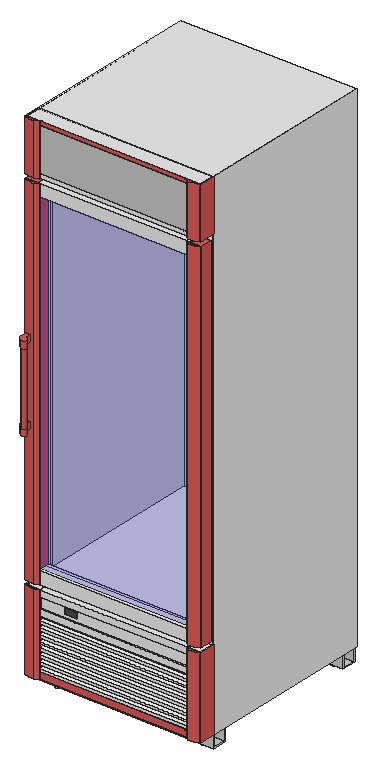
Revit family "QF_Turbo Air_TGM-23SD2e28a2e8-c304-4e5a-b0bb-dbe6b30ac034", category Specialty Equipment, Revit 2012
Parameters (values of type "White - Wine")
  Width = 2' - 3"  # constant formula
  Weight in Pounds = 325  # constant formula
  Watermarked By = "http://revitwatermark.com"
  Volts = 115 V
  URL Cutsheet = ""
  URL = "www.turboairinc.com"
  Status [instance] = ""
  Specification by User [instance] = ""
  Specification by Manufacturer [instance] = ""
  Sign Material [instance] = QF_Finishes_Turbo Air Image
  Serial Number [instance] = ""
  Revision Code [instance] = ""
  Phase = 1
  Number of Poles [instance] = 1
  NAFEM Spec ID Number [instance] = ""
  Model = "TGM-23SDV"
  Masterspec [instance] = ""
  Manufacturer = "Turbo Air"  # constant formula
  Lower Door Frame Material = QF_Finishes_White
  Lower Cowl Frame Material = QF_Finishes_Anodized - Red
  Legs [instance] = not(Casters)  # yes
  Item Number [instance] = "-"
  Installed By [instance] = ""
  HP = "1/4"
  Furnished By [instance] = ""
  Foodservice Equipment Identifier = yes
  FL Amps = 6 A
  Electrical Remarks [instance] = ""
  Electric Connection Type [instance] = ""
  Elec Conn RI Height [instance] = 0' - 0"
  Elec Conn Connection Height [instance] = if(Casters, 0' 11", 0' 6")  # 0' - 6"
  Door Material = QF_Finishes_Anodized - Red
  Description = "Refrigerator Merchandiser"
  Depth = 2' - 5 7/8"  # constant formula
  Cycle = 60 Hz
  Conn Plug = "NEMA 5-15P"
  CasterLeg Height [instance] = if(Casters, 0' 5", 0' 0 1/2")  # 0' - 0 1/2"
  CSI MasterFormat = "11 41 13"
  Body Material = QF_Finishes_White
  Assembly Code = "E1090320"
  Apparent Power = if(Phase = 3, Volts * FL Amps * 1.73, Volts * FL Amps)  # 690 VA
  Casters [instance] = no
Types (4): name | Model | Lower Door Frame Material | Lower Cowl Frame Material | Door Material | Body Material
  (no name) | "TGM-23SDV" | QF_Finishes_White | QF_Finishes_Anodized - Red | QF_Finishes_Anodized - Red | QF_Finishes_White
  Black | "TGM-23SDB" | QF_Finishes_Black | QF_Finishes_Black | QF_Finishes_Black | QF_Finishes_Black
  White | "TGM-23SDW" | QF_Finishes_White | QF_Finishes_White | QF_Finishes_White | QF_Finishes_White
  White - Wine | "TGM-23SDV" | QF_Finishes_White | QF_Finishes_Anodized - Red | QF_Finishes_Anodized - Red | QF_Finishes_White
Reference planes (in)
  plane 1: z = 0
  plane 2 "LEFT": x = -20.72594
  plane 3 "RIGHT": x = 6.27406
  plane 4 "FRONT": y = -29.375
  plane 5 "BACK": y = 2.75
  plane 6 "Front of Door": y = -27.125
  plane 7 "Top of Door": z = 70.8125
  plane 8 "Top of Lower Cowl": z = 14.875
  plane 9 "Front of Box": y = -24.75
  plane 10 "Bottom of Door": z = 15.5625
  plane 11 "Bottom of Lower Cowl": z = 2.5
  plane 12 "Left of Vents": x = -18.53844
  plane 13 "Right of Vents": x = 4.08656
  plane 14 "Bottom": z = 0.5
  plane 15 "TOP": z = 79.4375
  plane 16 "Bottom of Top Display": z = 71.5625
Forms (in)
  Extrusion 1, solid, material "QF_Finishes_White" <- "Body Material"
    sketch origin (0, 2.75, 0) x (1, 0, 0) y (0, 0, 1)
      loop
        line (-20.72594, 2.5) -> (6.27406, 2.5) -> (6.27406, 79.4375) -> (-20.72594, 79.4375) -> (-20.72594, 2.5)
      loop
        line (-20.60094, 79.3125) -> (-20.60094, 2.625) -> (6.14906, 2.625) -> (6.14906, 79.3125) -> (-20.60094, 79.3125)
    from 0 to 27.5
  Extrusion 2, solid, material "QF_Finishes_White" <- "Body Material"
    sketch origin (0, 2.75, 0) x (1, 0, 0) y (0, 0, 1)
      loop
        line (-20.60094, 79.3125) -> (-20.60094, 2.625) -> (6.14906, 2.625) -> (6.14906, 79.3125) -> (-20.60094, 79.3125)
    from 0 to 0.125
  Extrusion 3, solid, material "QF_Finishes_White" <- "Body Material"
    sketch origin (0, -24.75, 0) x (1, 0, 0) y (0, 0, 1)
      loop
        line (-18.72594, 68.8125) -> (-18.72594, 16.875) -> (4.27406, 16.875) -> (4.27406, 68.8125) -> (-18.72594, 68.8125)
      loop
        line (-20.60094, 79.3125) -> (-20.60094, 2.625) -> (6.14906, 2.625) -> (6.14906, 79.3125) -> (-20.60094, 79.3125)
      loop
        line (4.08656, 14.875) -> (-18.53844, 14.875) -> (-18.53844, 3.5) -> (4.08656, 3.5) -> (4.08656, 14.875)
    from 0 to -0.125
  Extrusion 4, solid, material "QF_Finishes_White"
    sketch origin (-20.72594, 0, 0) x (0, 1, 0) y (0, 0, 1)
      loop
        line (-24.625, 15) -> (2.625, 15) -> (2.625, 79.3125) -> (-24.625, 79.3125) -> (-24.625, 68.8125) -> (-22.75, 68.8125) -> (-22.75, 77.4375) -> (0.75, 77.4375) -> (0.75, 16.875) -> (-24.625, 16.875) -> (-24.625, 15)
    from 0.125 to 26.875
  Extrusion 5, solid, material "QF_Finishes_White"
    sketch origin (-20.72594, 0, 0) x (0, 1, 0) y (0, 0, 1)
      loop
        line (-24.625, 16.875) -> (0.75, 16.875) -> (0.75, 77.4375) -> (-22.75, 77.4375) -> (-22.75, 68.8125) -> (-24.625, 68.8125) -> (-24.625, 16.875)
    from 0.125 to 2
  Extrusion 6, solid, material "QF_Finishes_White"
    sketch origin (6.27406, 0, 0) x (0, 1, 0) y (0, 0, 1)
      loop
        line (-24.625, 16.875) -> (0.75, 16.875) -> (0.75, 77.4375) -> (-22.75, 77.4375) -> (-22.75, 68.8125) -> (-24.625, 68.8125) -> (-24.625, 16.875)
    from -0.125 to -2
  Extrusion 7, solid, material "QF_Finishes_Black"
    sketch origin (0, -24.75, 0) x (1, 0, 0) y (0, 0, 1)
      loop
        line (-19.41344, 69.5) -> (-19.41344, 16.1875) -> (4.96156, 16.1875) -> (4.96156, 69.5) -> (-19.41344, 69.5)
      loop
        line (-19.53844, 69.625) -> (-19.53844, 16.0625) -> (5.08656, 16.0625) -> (5.08656, 69.625) -> (-19.53844, 69.625)
    from 0 to 0.4375
  Extrusion 8, solid, material "QF_Finishes_White" <- "Body Material"
    sketch origin (0, 2.75, 0) x (1, 0, 0) y (0, 0, 1)
      loop
        circle (-7.22594, 6) r 0.25
    from 0 to -0.0625
  Extrusion 9, solid, material "QF_Finishes_Anodized - Red" <- "Door Material"
    sketch origin (0, 0, 2.5) x (0, 1, 0) y (-1, 0, 0)
      loop
        line (-24.75, 20.72594) -> (-27.25, 20.72594)
        arc (-27.25, 20.72594) -> (-27.46771, 19.92526) -> (-27.5625, 19.10094) r 5.5
        line (-27.5625, 19.10094) -> (-27.1875, 18.53844) -> (-27.125, 18.53844) -> (-27.125, 20.60094) -> (-24.75, 20.60094) -> (-24.75, 20.72594)
    from 0 to 12.375
  Extrusion 10, solid, material "QF_Finishes_Anodized - Red" <- "Door Material"
    sketch origin (25.75, 0, 2.5) x (0, 1, 0) y (-1, 0, 0)
      loop
        line (-24.75, 19.47594) -> (-24.75, 19.60094) -> (-27.125, 19.60094) -> (-27.125, 21.66344) -> (-27.1875, 21.66344) -> (-27.5625, 21.10094)
        arc (-27.5625, 21.10094) -> (-27.46771, 20.27662) -> (-27.25, 19.47594) r 5.5
        line (-27.25, 19.47594) -> (-24.75, 19.47594)
    from 0 to 12.375
  Extrusion 11, solid, material "QF_Finishes_White" <- "Body Material"
    sketch origin (0, -24.75, 0) x (1, 0, 0) y (0, 0, 1)
      loop
        line (-18.53844, 14.875) -> (-18.53844, 13.875) -> (4.08656, 13.875) -> (4.08656, 14.875) -> (-18.53844, 14.875)
      loop
        line (-18.53844, 12.1875) -> (-18.53844, 11.1875) -> (4.08656, 11.1875) -> (4.08656, 12.1875) -> (-18.53844, 12.1875)
    from 0 to 2.375
  Extrusion 12, solid, material "QF_Finishes_White" <- "Body Material"
    sketch origin (0, -24.75, 0) x (1, 0, 0) y (0, 0, 1)
      loop
        line (-18.53844, 13.875) -> (-18.53844, 12.1875) -> (4.08656, 12.1875) -> (4.08656, 13.875) -> (-18.53844, 13.875)
      loop
        line (-14.97594, 12.625) -> (-13.03844, 12.625) -> (-13.03844, 13.4375) -> (-14.97594, 13.4375) -> (-14.97594, 12.625)
    from 0 to 2.125
  Extrusion 13, solid, material "QF_Finishes_Black"
    sketch origin (0, -24.75, 0) x (1, 0, 0) y (0, 0, 1)
      loop
        line (-14.97594, 13.4375) -> (-14.97594, 12.625) -> (-13.03844, 12.625) -> (-13.03844, 13.4375) -> (-14.97594, 13.4375)
    from 0 to 2.125
  Extrusion 14, solid, material "QF_Finishes_White" <- "Body Material"
    sketch origin (0, -24.75, 0) x (1, 0, 0) y (0, 0, 1)
      loop
        line (-20.60094, 14.875) -> (-20.60094, 2.5) -> (6.14906, 2.5) -> (6.14906, 14.875) -> (4.08656, 14.875) -> (4.08656, 3.5) -> (-18.53844, 3.5) -> (-18.53844, 14.875) -> (-20.60094, 14.875)
    from 0 to 2.375
  Extrusion 15, solid, material "QF_Finishes_Anodized - Red" <- "Lower Cowl Frame Material"
    sketch origin (0, -27.125, 0) x (1, 0, 0) y (0, 0, 1)
      loop
        line (-18.53844, 3.5) -> (-18.53844, 2.5) -> (4.08656, 2.5) -> (4.08656, 3.5) -> (-18.53844, 3.5)
    from 0 to 0.0625
  Extrusion 16, solid, material "QF_Finishes_White" <- "Body Material"
    sketch origin (-18.53844, 0, 0) x (0, 1, 0) y (0, 0, 1)
      loop
        line (-27.125, 3.5625) -> (-27, 3.5625) -> (-27, 3.88572) -> (-26.47411, 4.41161) -> (-26.5625, 4.5) -> (-27.125, 3.9375) -> (-27.125, 3.5625)
      loop
        line (-27.125, 4.5) -> (-27, 4.625) -> (-27, 4.82322) -> (-26.47411, 5.34911) -> (-26.5625, 5.4375) -> (-27.125, 4.875) -> (-27.125, 4.5)
      loop
        line (-27.125, 5.4375) -> (-27, 5.5625) -> (-27, 5.76072) -> (-26.47411, 6.28661) -> (-26.5625, 6.375) -> (-27.125, 5.8125) -> (-27.125, 5.4375)
      loop
        line (-27.125, 6.375) -> (-27, 6.5) -> (-27, 6.69822) -> (-26.47411, 7.22411) -> (-26.5625, 7.3125) -> (-27.125, 6.75) -> (-27.125, 6.375)
      loop
        line (-27.125, 11.0625) -> (-26.5625, 11.0625) -> (-27.125, 10.5) -> (-27.125, 10.125) -> (-27, 10.25) -> (-27, 10.44822) -> (-26.47411, 10.97411) -> (-26.47411, 11.125) -> (-27.125, 11.125) -> (-27.125, 11.0625)
      loop
        line (-27.125, 7.3125) -> (-27, 7.4375) -> (-27, 7.63572) -> (-26.47411, 8.16161) -> (-26.5625, 8.25) -> (-27.125, 7.6875) -> (-27.125, 7.3125)
      loop
        line (-27.125, 8.25) -> (-27, 8.375) -> (-27, 8.57322) -> (-26.47411, 9.09911) -> (-26.5625, 9.1875) -> (-27.125, 8.625) -> (-27.125, 8.25)
      loop
        line (-27.125, 9.1875) -> (-27, 9.3125) -> (-27, 9.51072) -> (-26.47411, 10.03661) -> (-26.5625, 10.125) -> (-27.125, 9.5625) -> (-27.125, 9.1875)
    from 0 to 22.625
  Extrusion 17, solid, material "QF_Finishes_Stainless Steel"
    sketch origin (-20.72594, 0, 0) x (0, 1, 0) y (0, 0, 1)
      loop
        line (-24.5625, 2.5) -> (-24.5625, 0.5) -> (-22.375, 0.5) -> (-22.375, 2.5) -> (-22.5, 2.5) -> (-22.5, 0.625) -> (-24.4375, 0.625) -> (-24.4375, 2.5) -> (-24.5625, 2.5)
      loop
        line (0.375, 2.5) -> (0.375, 0.5) -> (2.5625, 0.5) -> (2.5625, 2.5) -> (2.4375, 2.5) -> (2.4375, 0.625) -> (0.5, 0.625) -> (0.5, 2.5) -> (0.375, 2.5)
    from 0.125 to 26.875
  Extrusion 18, solid, material "QF_Finishes_Stainless Steel", visible <- "Legs"
    sketch origin (0, 0, 0) x (1, 0, 0) y (0, 1, 0)
      loop
        circle (-18.41344, 1.46875) r 0.5625
      loop
        circle (-18.41344, -23.46875) r 0.5625
    from 0 to 0.5
  Extrusion 19, solid, material "QF_Finishes_Stainless Steel", visible <- "Legs"
    sketch origin (23.4375, 0, 0) x (1, 0, 0) y (0, 1, 0)
      loop
        circle (-19.47594, 1.46875) r 0.5625
      loop
        circle (-19.47594, -23.46875) r 0.5625
    from 0 to 0.5
  Extrusion 20, solid, material "QF_Finishes_Anodized - Red" <- "Door Material"
    sketch origin (0, 0, 71.5625) x (0, 1, 0) y (-1, 0, 0)
      loop
        line (-24.75, 20.72594) -> (-27.25, 20.72594)
        arc (-27.25, 20.72594) -> (-27.46771, 19.92526) -> (-27.5625, 19.10094) r 5.5
        line (-27.5625, 19.10094) -> (-27.1875, 18.53844) -> (-27.125, 18.53844) -> (-27.125, 20.60094) -> (-24.75, 20.60094) -> (-24.75, 20.72594)
    from 0 to 7.875
  Extrusion 21, solid, material "QF_Finishes_Anodized - Red" <- "Door Material"
    sketch origin (0, 0, 71.5625) x (0, 1, 0) y (-1, 0, 0)
      loop
        line (-24.75, -6.27406) -> (-24.75, -6.14906) -> (-27.125, -6.14906) -> (-27.125, -4.08656) -> (-27.1875, -4.08656) -> (-27.5625, -4.64906)
        arc (-27.5625, -4.64906) -> (-27.46771, -5.47338) -> (-27.25, -6.27406) r 5.5
        line (-27.25, -6.27406) -> (-24.75, -6.27406)
    from 0 to 7.875
  Extrusion 22, solid, material "QF_Finishes_White" <- "Body Material"
    sketch origin (0, -24.75, 80) x (1, 0, 0) y (0, 0, 1)
      loop
        line (-20.60094, -0.5625) -> (-20.60094, -8.4375) -> (6.14906, -8.4375) -> (6.14906, -0.5625) -> (-20.60094, -0.5625)
      loop
        line (4.08656, -1.125) -> (-18.53844, -1.125) -> (-18.53844, -7.875) -> (4.08656, -7.875) -> (4.08656, -1.125)
    from 0 to 2.375
  Extrusion 23, solid, material "QF_Finishes_Anodized - Red" <- "Lower Cowl Frame Material"
    sketch origin (0, -27.125, 78) x (1, 0, 0) y (0, 0, 1)
      loop
        line (-18.53844, 1.4375) -> (-18.53844, 0.875) -> (4.08656, 0.875) -> (4.08656, 1.4375) -> (-18.53844, 1.4375)
    from 0 to 0.0625
  Extrusion 24, solid, material "QF_Finishes_Turbo Air Image" <- "Sign Material"
    sketch origin (0, -24.75, 0) x (1, 0, 0) y (0, 0, 1)
      loop
        line (-18.53844, 78.875) -> (-18.53844, 72.125) -> (4.08656, 72.125) -> (4.08656, 78.875) -> (-18.53844, 78.875)
    from 0 to 2.375
Lines and regions (in)
  symbolic lines
    curve 1: line (-20.72594, 2.75, 0) -> (6.27406, 2.75, 0)
    curve 2: line (-20.72594, -24.75, 0) -> (-20.72594, 2.75, 0)
    curve 3: line (6.27406, -24.75, 0) -> (-20.72594, -24.75, 0)
    curve 4: line (6.27406, 2.75, 0) -> (6.27406, -24.75, 0)
    curve 5: line (-19.53844, -24.75, 0) -> (-19.53844, -25.1875, 0)
    curve 6: line (5.08656, -25.1875, 0) -> (5.08656, -24.75, 0)
  symbolic lines, style "QF_Clearances", detail levels coarse
    curve 7: line (6.27406, -54.125, 0) -> (6.27406, -27.125, 0)
    curve 8: arc (-20.72594, -27.125, 0) -> (-12.81782, -46.21688, 0) -> (6.27406, -54.125, 0) r 27
Dimensions and locks (in)
  "Width": plane 3 "RIGHT" to plane 2 "LEFT"
  "Depth": plane 6 "Front of Door" to plane 5 "BACK"
  locked: plane 4 "FRONT" to plane 6 "Front of Door" at 2.25
  locked: plane 6 "Front of Door" to plane 9 "Front of Box" at 2.375
  locked: Extrusion 1 sketch curve to plane 2 "LEFT" at 0.125
  locked: Extrusion 1 sketch curve to plane 3 "RIGHT" at 0.125
  locked: Extrusion 3 sketch curve to plane 2 "LEFT" at 2
  locked: plane 7 "Top of Door" to Extrusion 3 sketch curve at 2
  locked: Extrusion 3 sketch curve to plane 3 "RIGHT" at 2
  locked: Extrusion 3 sketch curve to plane 8 "Top of Lower Cowl" at 2
  locked: plane 9 "Front of Box" to Extrusion 4 sketch curve at 0.125  (x2)
  locked: Extrusion 4 sketch curve to plane 5 "BACK" at 0.125
  locked: plane 8 "Top of Lower Cowl" to Extrusion 4 sketch curve at 0.125
  locked: Extrusion 4 sketch curve to Extrusion 4 sketch curve at 1.875  (x4)
  locked: plane 9 "Front of Box" to Extrusion 5 sketch curve at 0.125
  locked: plane 7 "Top of Door" to Extrusion 5 sketch curve at 2
  locked: Extrusion 5 sketch curve to plane 5 "BACK" at 2
  locked: plane 8 "Top of Lower Cowl" to Extrusion 5 sketch curve at 2
  locked: plane 7 "Top of Door" to Extrusion 6 sketch curve at 2
  locked: plane 8 "Top of Lower Cowl" to Extrusion 6 sketch curve at 2
  locked: Extrusion 6 sketch curve to plane 5 "BACK" at 2
  locked: plane 9 "Front of Box" to Extrusion 6 sketch curve at 0.125
  locked: Extrusion 7 sketch curve to Extrusion 7 sketch curve at 0.125  (x4)
  locked: Extrusion 7 sketch curve to plane 8 "Top of Lower Cowl" at 1.1875
  locked: Extrusion 7 sketch curve to plane 2 "LEFT" at 1.1875
  locked: plane 7 "Top of Door" to Extrusion 7 sketch curve at 1.1875
  locked: Extrusion 7 sketch curve to plane 3 "RIGHT" at 1.1875
  locked: plane 8 "Top of Lower Cowl" to plane 11 "Bottom of Lower Cowl" at 12.375
  locked: Extrusion 1 sketch curve to plane 11 "Bottom of Lower Cowl" at 0.125
  locked: plane 2 "LEFT" to plane 12 "Left of Vents" at 2.1875
  locked: plane 13 "Right of Vents" to plane 3 "RIGHT" at 2.1875
  locked: Extrusion 9 sketch curve to plane 6 "Front of Door" at 0.0625
  locked: Extrusion 9 sketch curve to plane 6 "Front of Door" at 0.125
  locked: Extrusion 9 sketch curve to plane 6 "Front of Door" at 0.4375
  locked: plane 2 "LEFT" to Extrusion 9 sketch curve at 1.625
  locked: Extrusion 10 sketch curve to plane 6 "Front of Door" at 0.125
  locked: Extrusion 10 sketch curve to plane 6 "Front of Door" at 0.0625
  locked: Extrusion 10 sketch curve to plane 6 "Front of Door" at 0.4375
  locked: Extrusion 10 sketch curve to plane 3 "RIGHT" at 1.625
  locked: plane 8 "Top of Lower Cowl" to Extrusion 11 sketch curve at 1
  locked: Extrusion 11 sketch curve to Extrusion 11 sketch curve at 1.6875
  locked: Extrusion 11 sketch curve to Extrusion 11 sketch curve at 1
  locked: plane 8 "Top of Lower Cowl" to Extrusion 12 sketch curve at 1
  locked: Extrusion 12 sketch curve to Extrusion 12 sketch curve at 1.6875
  locked: Extrusion 12 sketch curve to Extrusion 12 sketch curve at 0.4375
  locked: Extrusion 12 sketch curve to Extrusion 12 sketch curve at 0.8125
  locked: Extrusion 12 sketch curve to plane 12 "Left of Vents" at 3.5625
  locked: Extrusion 12 sketch curve to Extrusion 12 sketch curve at 1.9375
  locked: plane 8 "Top of Lower Cowl" to Extrusion 13 sketch curve at 1.4375
  locked: Extrusion 13 sketch curve to Extrusion 13 sketch curve at 0.8125
  locked: Extrusion 13 sketch curve to plane 12 "Left of Vents" at 3.5625
  locked: Extrusion 13 sketch curve to Extrusion 13 sketch curve at 1.9375
  locked: Extrusion 3 sketch curve to plane 11 "Bottom of Lower Cowl" at 0.125
  locked: Extrusion 3 sketch curve to plane 11 "Bottom of Lower Cowl" at 1
  locked: Extrusion 14 sketch curve to plane 11 "Bottom of Lower Cowl" at 1
  locked: Extrusion 15 sketch curve to plane 11 "Bottom of Lower Cowl" at 1
  locked: plane 2 "LEFT" to Extrusion 14 sketch curve at 0.125
  locked: plane 3 "RIGHT" to Extrusion 14 sketch curve at 0.125
  locked: plane 2 "LEFT" to Extrusion 9 sketch curve at 0.125
  locked: Extrusion 10 sketch curve to plane 3 "RIGHT" at 0.125
  locked: plane 11 "Bottom of Lower Cowl" to plane 14 "Bottom" at 2
  "CasterLeg Height": plane 14 "Bottom" to level
  locked: plane 7 "Top of Door" to plane 10 "Bottom of Door" at 55.25
  locked: Extrusion 17 sketch curve to Extrusion 17 sketch curve at 0.125  (x4)
  locked: plane 9 "Front of Box" to Extrusion 17 sketch curve at 0.1875
  locked: plane 14 "Bottom" to Extrusion 17 sketch curve at 0.125  (x2)
  locked: Extrusion 17 sketch curve to plane 5 "BACK" at 0.1875
  locked: Extrusion 17 sketch curve to Extrusion 17 sketch curve at 1.9375  (x2)
  locked: plane 2 "LEFT" to Extrusion 17 at 0.125
  locked: plane 3 "RIGHT" to Extrusion 17 at 0.125
  locked: Extrusion 18 sketch curve to plane 5 "BACK" at 1.28125
  locked: plane 2 "LEFT" to Extrusion 18 sketch curve at 2.3125  (x2)
  locked: plane 9 "Front of Box" to Extrusion 18 sketch curve at 1.28125
  locked: Extrusion 19 sketch curve to plane 5 "BACK" at 1.28125
  locked: Extrusion 19 sketch curve to plane 3 "RIGHT" at 2.3125  (x2)
  locked: plane 9 "Front of Box" to Extrusion 19 sketch curve at 1.28125
  locked: plane 2 "LEFT" to nested 2 at 2.3125
  locked: nested 2 to plane 5 "BACK" at 1.28125
  locked: nested 3 to plane 5 "BACK" at 1.28125
  locked: nested 3 to plane 3 "RIGHT" at 2.3125
  locked: plane 9 "Front of Box" to nested 4 at 1.28125
  locked: plane 2 "LEFT" to nested 4 at 2.3125
  locked: nested 5 to plane 3 "RIGHT" at 2.3125
  locked: plane 9 "Front of Box" to nested 5 at 1.28125
  equal spacing: plane 3 "RIGHT", Extrusion 8 sketch curve, plane 2 "LEFT"
  locked: Extrusion 8 sketch curve to plane 14 "Bottom" at 5.5
  locked: plane 15 "TOP" to plane 16 "Bottom of Top Display" at 7.875
  locked: plane 15 "TOP" to Extrusion 1 sketch curve at 0.125
  locked: Extrusion 4 sketch curve to plane 15 "TOP" at 0.125
  locked: Extrusion 4 sketch curve to plane 7 "Top of Door" at 2
  locked: plane 9 "Front of Box" to Extrusion 6 sketch curve at 2
  locked: Extrusion 6 sketch curve to plane 15 "TOP" at 2
  locked: plane 9 "Front of Box" to Extrusion 5 sketch curve at 2
  locked: plane 15 "TOP" to Extrusion 5 sketch curve at 2
  locked: Extrusion 22 sketch curve to plane 16 "Bottom of Top Display" at 0.5625
  locked: plane 15 "TOP" to Extrusion 22 sketch curve at 0.5625
  locked: plane 2 "LEFT" to Extrusion 22 sketch curve at 0.125
  locked: plane 3 "RIGHT" to Extrusion 22 sketch curve at 0.125
  locked: plane 15 "TOP" to Extrusion 23 sketch curve at 0.5625
  locked: plane 15 "TOP" to Extrusion 24 sketch curve at 0.5625
  locked: Extrusion 24 sketch curve to plane 16 "Bottom of Top Display" at 0.5625
  locked: plane 10 "Bottom of Door" to plane 8 "Top of Lower Cowl" at 0.6875
  locked: plane 16 "Bottom of Top Display" to plane 7 "Top of Door" at 0.75
  aligned and locked: level to plane 1
  aligned and locked: Extrusion 1 sketch curve to plane 3 "RIGHT"
  aligned and locked: plane 2 "LEFT" to Extrusion 1 sketch curve
  aligned and locked: plane 9 "Front of Box" to Extrusion 1
  aligned and locked: Extrusion 2 sketch curve to Extrusion 1  (x2)
  aligned and locked: Extrusion 3 sketch curve to Extrusion 1  (x2)
  aligned and locked: Extrusion 4 to Extrusion 1  (x2)
  aligned and locked: Extrusion 5 to Extrusion 1
  aligned and locked: Extrusion 1 to Extrusion 6
  aligned and locked: plane 2 "LEFT" to nested 1
  aligned and locked: plane 3 "RIGHT" to nested 1
  aligned and locked: plane 5 "BACK" to curve 1
  aligned and locked: plane 2 "LEFT" to curve 2
  aligned and locked: curve 3 to plane 9 "Front of Box"
  aligned and locked: curve 4 to plane 3 "RIGHT"
  aligned and locked: curve 5 to Extrusion 7
  aligned and locked: curve 6 to Extrusion 7
  aligned and locked: nested 1 to plane 10 "Bottom of Door"
  aligned and locked: plane 11 "Bottom of Lower Cowl" to Extrusion 1 sketch curve
  aligned and locked: Extrusion 9 sketch curve to plane 2 "LEFT"
  aligned and locked: plane 6 "Front of Door" to Extrusion 9 sketch curve
  aligned and locked: Extrusion 9 sketch curve to plane 12 "Left of Vents"
  aligned and locked: Extrusion 10 sketch curve to plane 3 "RIGHT"
  aligned and locked: Extrusion 10 sketch curve to plane 6 "Front of Door"
  aligned and locked: Extrusion 10 sketch curve to plane 13 "Right of Vents"
  aligned and locked: plane 8 "Top of Lower Cowl" to Extrusion 9
  aligned and locked: plane 8 "Top of Lower Cowl" to Extrusion 10
  aligned and locked: plane 8 "Top of Lower Cowl" to Extrusion 11 sketch curve
  aligned and locked: Extrusion 11 sketch curve to plane 12 "Left of Vents"
  aligned and locked: plane 12 "Left of Vents" to Extrusion 11 sketch curve
  aligned and locked: Extrusion 11 sketch curve to plane 13 "Right of Vents"
  aligned and locked: plane 13 "Right of Vents" to Extrusion 11 sketch curve
  aligned and locked: plane 6 "Front of Door" to Extrusion 11
  aligned and locked: plane 12 "Left of Vents" to Extrusion 12 sketch curve
  aligned and locked: Extrusion 12 sketch curve to plane 13 "Right of Vents"
  aligned and locked: plane 8 "Top of Lower Cowl" to Extrusion 3 sketch curve
  aligned and locked: Extrusion 3 sketch curve to plane 12 "Left of Vents"
  aligned and locked: Extrusion 3 sketch curve to plane 13 "Right of Vents"
  aligned and locked: plane 8 "Top of Lower Cowl" to Extrusion 14 sketch curve  (x2)
  aligned and locked: Extrusion 14 sketch curve to plane 11 "Bottom of Lower Cowl"
  aligned and locked: Extrusion 14 sketch curve to plane 13 "Right of Vents"
  aligned and locked: plane 6 "Front of Door" to Extrusion 14
  aligned and locked: plane 11 "Bottom of Lower Cowl" to Extrusion 15 sketch curve
  aligned and locked: plane 12 "Left of Vents" to Extrusion 15 sketch curve
  aligned and locked: Extrusion 15 sketch curve to plane 13 "Right of Vents"
  aligned and locked: plane 13 "Right of Vents" to Extrusion 16
  aligned and locked: plane 9 "Front of Box" to Extrusion 9 sketch curve
  aligned and locked: plane 9 "Front of Box" to Extrusion 10 sketch curve
  aligned and locked: Extrusion 17 sketch curve to plane 11 "Bottom of Lower Cowl"  (x4)
  aligned and locked: Extrusion 17 sketch curve to plane 14 "Bottom"  (x2)
  aligned and locked: plane 14 "Bottom" to Extrusion 18
  aligned and locked: plane 14 "Bottom" to Extrusion 19
  aligned and locked: Extrusion 1 sketch curve to plane 15 "TOP"
  aligned and locked: plane 15 "TOP" to Extrusion 22 sketch curve
  aligned and locked: Extrusion 22 sketch curve to plane 16 "Bottom of Top Display"
  aligned and locked: plane 12 "Left of Vents" to Extrusion 22 sketch curve
  aligned and locked: Extrusion 22 sketch curve to plane 13 "Right of Vents"
  aligned and locked: plane 15 "TOP" to Extrusion 20
  aligned and locked: plane 6 "Front of Door" to Extrusion 22
  aligned and locked: plane 12 "Left of Vents" to Extrusion 23 sketch curve
  aligned and locked: Extrusion 23 sketch curve to plane 15 "TOP"
  aligned and locked: Extrusion 23 sketch curve to plane 13 "Right of Vents"
  aligned and locked: plane 12 "Left of Vents" to Extrusion 24 sketch curve
  aligned and locked: Extrusion 24 to plane 9 "Front of Box"
  aligned and locked: plane 13 "Right of Vents" to Extrusion 24
Automatic sketch dimensions
  curve 8 to plane 2 "LEFT" = 0' - 0"
  curve 7 to plane 3 "RIGHT" = 0' - 0"
  plane 6 "Front of Door" to curve 7 = 0' - 0"
  plane 6 "Front of Door" to curve 8 = 0' - 0"
  plane 9 "Front of Box" to curve 5 = 0' - 0 7/16"
  plane 9 "Front of Box" to curve 6 = 0' - 0 7/16"
  plane 11 "Bottom of Lower Cowl" to Extrusion 2 sketch curve = 0' - 0 1/8"
  Extrusion 2 sketch curve to plane 15 "TOP" = 0' - 0 1/8"
  Extrusion 3 sketch curve to plane 15 "TOP" = 0' - 0 1/8"
  Extrusion 9 sketch curve to plane 12 "Left of Vents" = 0' - 0.34816"
  plane 13 "Right of Vents" to Extrusion 10 sketch curve = 0' - 0.34816"
  Extrusion 14 sketch curve to plane 12 "Left of Vents" = 0' - 0"
  Extrusion 20 sketch curve to plane 2 "LEFT" = 0' - 0"
  Extrusion 20 sketch curve to plane 12 "Left of Vents" = 0' - 0"
  plane 6 "Front of Door" to Extrusion 20 sketch curve = 0' - 0"
  plane 9 "Front of Box" to Extrusion 20 sketch curve = 0' - 0"
  Extrusion 20 sketch curve to Extrusion 20 sketch curve = 0' - 0 1/16"
  plane 6 "Front of Door" to Extrusion 20 sketch curve = 0' - 0 1/8"
  plane 6 "Front of Door" to Extrusion 20 sketch curve = 0' - 0 7/16"
  Extrusion 20 sketch curve to plane 12 "Left of Vents" = 0' - 0.34816"
  Extrusion 20 sketch curve to plane 9 "Front of Box" = 0' - 2.68332"
  Extrusion 20 sketch curve to Extrusion 20 sketch curve = 0' - 0 1/8"
  Extrusion 21 sketch curve to plane 3 "RIGHT" = 0' - 0"
  Extrusion 21 sketch curve to plane 13 "Right of Vents" = 0' - 0"
  plane 6 "Front of Door" to Extrusion 21 sketch curve = 0' - 0"
  plane 9 "Front of Box" to Extrusion 21 sketch curve = 0' - 0"
  Extrusion 21 sketch curve to Extrusion 21 sketch curve = 0' - 0 1/16"
  plane 6 "Front of Door" to Extrusion 21 sketch curve = 0' - 0 1/8"
  plane 6 "Front of Door" to Extrusion 21 sketch curve = 0' - 0 7/16"
  plane 13 "Right of Vents" to Extrusion 21 sketch curve = 0' - 0.34816"
  Extrusion 21 sketch curve to plane 9 "Front of Box" = 0' - 2.68332"
  Extrusion 21 sketch curve to plane 3 "RIGHT" = 0' - 0 1/8"
  plane 13 "Right of Vents" to Extrusion 24 sketch curve = 0' - 0"
  Extrusion 16 sketch curve to plane 6 "Front of Door" = 0' - 0"  (x9)
  Extrusion 16 sketch curve to plane 6 "Front of Door" = 0' - 0 1/8"  (x8)
  Extrusion 16 sketch curve to Extrusion 16 sketch curve = 0' - 0 7/16"  (x7)
  Extrusion 16 sketch curve to plane 6 "Front of Door" = 0' - 0 9/16"
  Extrusion 16 sketch curve to Extrusion 16 sketch curve = 0' - 0.08839"  (x8)
  plane 11 "Bottom of Lower Cowl" to Extrusion 16 sketch curve = 0' - 1 1/16"
  Extrusion 16 sketch curve to Extrusion 16 sketch curve = 0' - 0.32322"
  Extrusion 16 sketch curve to Extrusion 16 sketch curve = 0' - 0.05178"  (x8)
  Extrusion 16 sketch curve to Extrusion 16 sketch curve = 0' - 0 9/16"  (x8)
  Extrusion 16 sketch curve to Extrusion 16 sketch curve = 0' - 0 1/8"  (x7)
  Extrusion 16 sketch curve to Extrusion 16 sketch curve = 0' - 0.19822"  (x7)
  Extrusion 16 sketch curve to Extrusion 16 sketch curve = 0' - 0.52589"
  Extrusion 16 sketch curve to Extrusion 16 sketch curve = 0' - 0 1/16"
  radius of Extrusion 8 sketch curve = 0' - 0 1/4"
  radius of Extrusion 18 sketch curve = 0' - 0 9/16"  (x2)
  radius of Extrusion 19 sketch curve = 0' - 0 9/16"  (x2)
Nested families (in)
  nested 1: "QF_Turbo Air_RI_Merch-Door" at (-5.54927, -25.1875, 15.5625), Handle Material <- "Door Material", Door Frame Top Material <- "Body Material", Door Frame Sides Material <- "Door Material", Door Frame Bottom Material <- "Lower Door Frame Material", type "QF_Turbo Air_RI_Merch-Door"
    with Width 2' - 3", Symbolic Lines yes, Height 4' - 7 1/4", Handle Material QF_Finishes_Anodized - Red, Door Frame Top Material QF_Finishes_White, Door Frame Sides Material QF_Finishes_Anodized - Red, Door Frame Bottom Material QF_Finishes_White, Depth 0' - 1 15/16", CL Handle Height 2' - 3 5/8"
  nested 2: "FESCasterLeg" at (-18.41344, 1.46875, 0), Casters <- "Casters", type "FESCasterLeg"
    with Legs no, Height 0' - 5", Casters no, Caster Radius 0' - 2"
  nested 3: "FESCasterLeg" at (3.96156, 1.46875, 0), Casters <- "Casters", type "FESCasterLeg"
    with Legs no, Height 0' - 5", Casters no, Caster Radius 0' - 2"
  nested 4: "FESCasterLeg" at (-18.41344, -23.46875, 0), Casters <- "Casters", type "FESCasterLeg"
    with Legs no, Height 0' - 5", Casters no, Caster Radius 0' - 2"
  nested 5: "FESCasterLeg" at (3.96156, -23.46875, 0), Casters <- "Casters", type "FESCasterLeg"
    with Legs no, Height 0' - 5", Casters no, Caster Radius 0' - 2"
Connectors (in)
  electrical at (-7.22594, 2.8125, 6), driven by "Number of Poles", driven by "Volts", driven by "Apparent Power"
    settings: on Extrusion 8, index 1, voltage 115 V, apparent load 690 VA, apparent load phase1 0 VA, apparent load phase2 0 VA, apparent load phase3 0 VA, power factor 1, load classification "Other", number of poles 1, system type 30, power factor state 1, is connector primary yes, connector utility no, sub classification motor no, connector description "Electric"
Definition of nested family "QF_Turbo Air_RI_Merch-Door"
  Parameters (values of type "QF_Turbo Air_RI_Merch-Door")
    Width [instance] = 2' - 1"
    Watermarked By = "http://revitwatermark.com"
    Symbolic Lines [instance] = yes
    Manufacturer = "Turbo Air"  # constant formula
    Height [instance] = 2' - 6 1/2"
    Handle Material [instance] = QF_Finishes_Stainless Steel
    Door Frame Top Material [instance] = QF_Finishes_Stainless Steel
    Door Frame Sides Material [instance] = QF_Finishes_Stainless Steel
    Door Frame Bottom Material [instance] = QF_Finishes_Stainless Steel
    Depth [instance] = 0' - 1 15/16"
    CL Handle Height [instance] = 1' - 3 3/16"
  Reference planes (in)
    plane 1 "BACK": y = 0
    plane 2: z = 0
    plane 3 "LEFT": x = -15.17667
    plane 4: x = 9.82333
    plane 5 "FRONT": y = -1.9375
    plane 6: z = 30.5
    plane 7 "Top of Handle": z = 21.6875
    plane 8 "Bottom of Handle": z = 8.6875
    plane 9 "Center of Handle": z = 15.1875
    plane 10: x = -13.36417
    plane 11: x = 8.01083
    plane 12: z = 28.6875
    plane 13: z = 1.8125
    plane 14: z = 20.6875
    plane 15: z = 9.6875
  Forms (in)
    Extrusion 1, solid, material "QF_Finishes_Stainless Steel" <- "Door Frame Sides Material"
      sketch origin (0, 0, 0) x (1, 0, 0) y (0, 0, 1)
        loop
          line (-15.17667, 30.5) -> (-15.17667, 0) -> (-13.36417, 0) -> (-13.36417, 30.5) -> (-15.17667, 30.5)
        loop
          line (9.82333, 0) -> (9.82333, 30.5) -> (8.01083, 30.5) -> (8.01083, 0) -> (9.82333, 0)
      from 0 to 1.9375
    Extrusion 2, solid, material "QF_Finishes_Glass"
      sketch origin (0, 0, 0) x (1, 0, 0) y (0, 0, 1)
        loop
          line (-13.36417, 28.6875) -> (-13.36417, 1.8125) -> (8.01083, 1.8125) -> (8.01083, 28.6875) -> (-13.36417, 28.6875)
      from 0.5 to 1.4375
    Extrusion 3, solid, material "QF_Finishes_Stainless Steel" <- "Handle Material"
      sketch origin (0, 0, 8.6875) x (0, 1, 0) y (-1, 0, 0)
        loop
          circle (-3.8125, 13.92667) r 0.375
      from 1 to 12
    Extrusion 4, solid, material "QF_Finishes_Stainless Steel" <- "Handle Material"
      sketch origin (0, 0, 8.6875) x (0, 1, 0) y (-1, 0, 0)
        loop
          line (-1.9375, 14.86417) -> (-3.25, 14.86417)
          arc (-3.25, 14.86417) -> (-3.39351, 14.83562) -> (-3.51517, 14.75433) r 0.375
          line (-3.51517, 14.75433) -> (-4.07767, 14.19183)
          arc (-4.07767, 14.19183) -> (-4.07767, 13.6615) -> (-3.54733, 13.6615) r 0.375
          line (-3.54733, 13.6615) -> (-2.90717, 14.30167) -> (-1.9375, 14.30167) -> (-1.9375, 14.86417)
      from 0 to 1
    Extrusion 5, solid, material "QF_Finishes_Stainless Steel" <- "Handle Material"
      sketch origin (0, 0, 21.6875) x (0, 1, 0) y (-1, 0, 0)
        loop
          line (-1.9375, 14.86417) -> (-3.25, 14.86417)
          arc (-3.25, 14.86417) -> (-3.39351, 14.83562) -> (-3.51517, 14.75433) r 0.375
          line (-3.51517, 14.75433) -> (-4.07767, 14.19183)
          arc (-4.07767, 14.19183) -> (-4.07767, 13.6615) -> (-3.54733, 13.6615) r 0.375
          line (-3.54733, 13.6615) -> (-2.90717, 14.30167) -> (-1.9375, 14.30167) -> (-1.9375, 14.86417)
      from 0 to -1
    Extrusion 6, solid, material "QF_Finishes_Stainless Steel" <- "Door Frame Top Material"
      sketch origin (0, 0, 0) x (1, 0, 0) y (0, 0, 1)
        loop
          line (-13.36417, 30.5) -> (-13.36417, 28.6875) -> (8.01083, 28.6875) -> (8.01083, 30.5) -> (-13.36417, 30.5)
      from 0 to 1.9375
    Extrusion 7, solid, material "QF_Finishes_Stainless Steel" <- "Door Frame Bottom Material"
      sketch origin (0, 0, 0) x (1, 0, 0) y (0, 0, 1)
        loop
          line (-13.36417, 1.8125) -> (-13.36417, 0) -> (8.01083, 0) -> (8.01083, 1.8125) -> (-13.36417, 1.8125)
      from 0 to 1.9375
    Extrusion 8, solid, material "QF_Finishes_Stainless Steel" <- "Door Frame Sides Material"
      sketch origin (0, 0, 0) x (1, 0, 0) y (0, 1, 0)
        loop
          line (-15.17667, -1.9375) -> (-15.17667, -2.0625)
          arc (-15.17667, -2.0625) -> (-14.37599, -2.28021) -> (-13.55167, -2.375) r 5.5
          line (-13.55167, -2.375) -> (-12.98917, -2) -> (-12.98917, -1.9375) -> (-15.17667, -1.9375)
      from 0 to 30.5
    Extrusion 9, solid, material "QF_Finishes_Stainless Steel" <- "Door Frame Sides Material"
      sketch origin (25, 0, 0) x (1, 0, 0) y (0, 1, 0)
        loop
          line (-15.17667, -1.9375) -> (-17.36417, -1.9375) -> (-17.36417, -2) -> (-16.80167, -2.375)
          arc (-16.80167, -2.375) -> (-15.97735, -2.28021) -> (-15.17667, -2.0625) r 5.5
          line (-15.17667, -2.0625) -> (-15.17667, -1.9375)
      from 0 to 30.5
  Lines and regions (in)
    symbolic lines, visible <- "Symbolic Lines"
      curve 1: line (-15.17667, 0, 8.6875) -> (9.82333, 0, 8.6875)
      curve 2: line (-15.17667, -1.9375, 8.6875) -> (-15.17667, 0, 8.6875)
      curve 3: line (9.82333, -1.9375, 8.6875) -> (-15.17667, -1.9375, 8.6875)
      curve 4: line (9.82333, 0, 8.6875) -> (9.82333, -1.9375, 8.6875)
      curve 11: line (-15.17667, -1.9375, 0) -> (-15.17667, -2.0625, 0)
      curve 12: arc (-15.17667, -2.0625, 0) -> (-14.37599, -2.28021, 0) -> (-13.55167, -2.375, 0) r 5.5
      curve 13: line (-13.55167, -2.375, 0) -> (-12.98917, -2, 0)
      curve 14: line (-12.98917, -2, 0) -> (-12.98917, -1.9375, 0)
      curve 15: line (7.63583, -1.9375, 0) -> (7.63583, -2, 0)
      curve 16: line (7.63583, -2, 0) -> (8.19833, -2.375, 0)
      curve 17: arc (8.19833, -2.375, 0) -> (9.02265, -2.28021, 0) -> (9.82333, -2.0625, 0) r 5.5
      curve 18: line (9.82333, -2.0625, 0) -> (9.82333, -1.9375, 0)
    symbolic lines
      curve 5: line (-14.86417, -2.163, 8.6875) -> (-14.86417, -3.25, 8.6875)
      curve 6: arc (-14.86417, -3.25, 8.6875) -> (-14.83562, -3.39351, 8.6875) -> (-14.75433, -3.51517, 8.6875) r 0.375
      curve 7: line (-14.75433, -3.51517, 8.6875) -> (-14.19183, -4.07767, 8.6875)
      curve 8: arc (-14.19183, -4.07767, 8.6875) -> (-13.6615, -4.07767, 8.6875) -> (-13.6615, -3.54733, 8.6875) r 0.375
      curve 9: line (-13.6615, -3.54733, 8.6875) -> (-14.30167, -2.90717, 8.6875)
      curve 10: line (-14.30167, -2.90717, 8.6875) -> (-14.30167, -2.29398, 8.6875)
  Dimensions and locks (in)
    "Width": plane 4 to plane 3 "LEFT"
    "Depth": plane 5 "FRONT" to plane 1 "BACK"
    "Height": plane 6 to plane 2
    locked: plane 7 "Top of Handle" to plane 8 "Bottom of Handle" at 13
    equal spacing: plane 7 "Top of Handle", plane 9 "Center of Handle", plane 8 "Bottom of Handle"
    locked: plane 13 to level at 1.8125
    locked: plane 6 to plane 12 at 1.8125
    locked: plane 3 "LEFT" to plane 10 at 1.8125
    locked: plane 11 to plane 4 at 1.8125
    locked: plane 1 "BACK" to Extrusion 2 at 0.5
    locked: Extrusion 2 to plane 5 "FRONT" at 0.5
    "CL Handle Height": plane 9 "Center of Handle" to level
    locked: plane 7 "Top of Handle" to plane 14 at 1
    locked: plane 15 to plane 8 "Bottom of Handle" at 1
    locked: plane 3 "LEFT" to Extrusion 3 sketch curve at 1.25
    locked: Extrusion 3 sketch curve to plane 5 "FRONT" at 1.875
    locked: Extrusion 4 sketch curve to Extrusion 4 sketch curve at 0.5625
    locked: plane 3 "LEFT" to Extrusion 4 sketch curve at 0.3125
    locked: Extrusion 4 sketch curve to plane 5 "FRONT" at 1.3125
    locked: Extrusion 4 sketch curve to plane 5 "FRONT" at 0.96967
    locked: Extrusion 4 sketch curve to plane 5 "FRONT" at 1.57767
    locked: plane 3 "LEFT" to Extrusion 4 sketch curve at 0.42233
    locked: Extrusion 5 sketch curve to Extrusion 5 sketch curve at 0.5625
    locked: plane 3 "LEFT" to Extrusion 8 sketch curve at 2.1875
    locked: Extrusion 8 sketch curve to plane 5 "FRONT" at 0.125
    locked: Extrusion 8 sketch curve to plane 5 "FRONT" at 0.0625
    locked: plane 3 "LEFT" to Extrusion 8 sketch curve at 1.625
    locked: Extrusion 8 sketch curve to plane 5 "FRONT" at 0.4375
    locked: Extrusion 9 sketch curve to plane 4 at 2.1875
    locked: Extrusion 9 sketch curve to plane 4 at 1.625
    locked: Extrusion 9 sketch curve to plane 5 "FRONT" at 0.0625
    locked: Extrusion 9 sketch curve to plane 5 "FRONT" at 0.4375
    locked: Extrusion 9 sketch curve to plane 5 "FRONT" at 0.125
    aligned and locked: level to plane 2
    aligned and locked: Extrusion 1 sketch curve to plane 6
    aligned and locked: plane 3 "LEFT" to Extrusion 1 sketch curve
    aligned and locked: level to Extrusion 1 sketch curve
    aligned and locked: Extrusion 1 sketch curve to plane 4
    aligned and locked: plane 5 "FRONT" to Extrusion 1
    aligned and locked: plane 10 to Extrusion 1 sketch curve
    aligned and locked: Extrusion 1 sketch curve to plane 11
    aligned and locked: Extrusion 2 sketch curve to plane 12
    aligned and locked: plane 10 to Extrusion 2 sketch curve
    aligned and locked: Extrusion 2 sketch curve to plane 11
    aligned and locked: plane 13 to Extrusion 2 sketch curve
    aligned and locked: plane 3 "LEFT" to curve 2
    aligned and locked: plane 1 "BACK" to curve 1
    aligned and locked: curve 4 to plane 4
    aligned and locked: curve 3 to plane 5 "FRONT"
    aligned and locked: Extrusion 3 to plane 15
    aligned and locked: plane 14 to Extrusion 3
    aligned and locked: Extrusion 4 sketch curve to Extrusion 3
    aligned and locked: plane 5 "FRONT" to Extrusion 4 sketch curve
    aligned and locked: plane 15 to Extrusion 4
    aligned and locked: Extrusion 5 to plane 14
    aligned and locked: Extrusion 5 to curve 5
    aligned and locked: curve 6 to Extrusion 5
    aligned and locked: curve 8 to Extrusion 5
    aligned and locked: curve 10 to Extrusion 5
    aligned and locked: Extrusion 6 sketch curve to plane 6
    aligned and locked: plane 12 to Extrusion 6 sketch curve
    aligned and locked: Extrusion 6 sketch curve to plane 11
    aligned and locked: plane 10 to Extrusion 6 sketch curve
    aligned and locked: plane 5 "FRONT" to Extrusion 6
    aligned and locked: Extrusion 7 sketch curve to plane 13
    aligned and locked: level to Extrusion 7 sketch curve
    aligned and locked: Extrusion 7 sketch curve to plane 11
    aligned and locked: plane 10 to Extrusion 7 sketch curve
    aligned and locked: plane 5 "FRONT" to Extrusion 7
    aligned and locked: plane 5 "FRONT" to Extrusion 8 sketch curve
    aligned and locked: Extrusion 8 sketch curve to plane 3 "LEFT"
    aligned and locked: plane 6 to Extrusion 8
    aligned and locked: Extrusion 9 sketch curve to plane 5 "FRONT"
    aligned and locked: Extrusion 9 sketch curve to plane 4
    aligned and locked: plane 6 to Extrusion 9
    aligned and locked: curve 11 to Extrusion 8
    aligned and locked: curve 12 to Extrusion 8
    aligned and locked: curve 13 to Extrusion 8
    aligned and locked: curve 14 to Extrusion 8
    aligned and locked: curve 15 to Extrusion 9
    aligned and locked: curve 16 to Extrusion 9
    aligned and locked: curve 17 to Extrusion 9
    aligned and locked: curve 18 to Extrusion 9
  Automatic sketch dimensions
    plane 10 to Extrusion 8 sketch curve = 0' - 0.02684"
    Extrusion 1 sketch curve to level = 0' - 0"
    Extrusion 1 sketch curve to plane 6 = 0' - 0"
    Extrusion 4 sketch curve to Extrusion 4 sketch curve = 0' - 0.26517"
    Extrusion 4 sketch curve to plane 10 = 0' - 0.29733"
    plane 5 "FRONT" to Extrusion 5 sketch curve = 0' - 0"
    plane 5 "FRONT" to Extrusion 5 sketch curve = 0' - 0.96967"
    plane 3 "LEFT" to Extrusion 5 sketch curve = 0' - 0 5/16"
    Extrusion 5 sketch curve to Extrusion 5 sketch curve = 0' - 0.34283"
    plane 3 "LEFT" to Extrusion 5 sketch curve = 0' - 0.42233"
    Extrusion 5 sketch curve to Extrusion 5 sketch curve = 0' - 0.26517"  (x4)
    Extrusion 5 sketch curve to plane 10 = 0' - 0.29733"
    Extrusion 5 sketch curve to Extrusion 5 sketch curve = 0' - 0.29733"
    Extrusion 9 sketch curve to plane 11 = 0' - 0.02684"
    plane 5 "FRONT" to curve 11 = 0' - 0"
    plane 5 "FRONT" to curve 14 = 0' - 0"
    plane 5 "FRONT" to curve 15 = 0' - 0"
    plane 5 "FRONT" to curve 18 = 0' - 0"
    curve 7 to plane 10 = 0' - 0.82767"
    curve 8 to plane 10 = 0' - 0.29733"
    plane 3 "LEFT" to curve 7 = 0' - 0.42233"
    curve 6 to curve 10 = 0' - 0.34283"
    plane 5 "FRONT" to curve 10 = 0' - 0.35648"
    plane 5 "FRONT" to curve 5 = 0' - 0.2255"
    radius of Extrusion 3 sketch curve = 0' - 0 3/8"
Definition of nested family "FESCasterLeg"
  Parameters (values of type "FESCasterLeg")
    Watermarked By = "http://revitwatermark.com"
    Type Comments = "⍁⍉⌁⌀⏭⎽⌇⍠⌜⍉⎖⌥⌦⌯⍭⏊⍻⍿⍊⏵⍊⏗⏠⍴⎡⌈⎀⍠⌓⌤⏘⎐⍀⌐⏬⏁⎈⏍⏦⎒⏬⌝⍩⍇⌣〈⎫〉⎁⏊⍥⍖⍥⍝⍦⌖⍀⏌⏭⎝⎼⏷⏞⍻⏯⎽⏷⏞⍻⏯⎽⏷⎺⌻⎝⍎⌧⏷⏟⏿⌿⍜⍦⍤⌁⍬⏶⏎⍊⏚⏉⎞⌡⎀⎪⏈⌟⌿⍾⍼⌟⌿⌢⌞⏜⏝⎽⍷⍷⍯⍧⍷⌯⍽⏸⏨⏾⏎⌣⏺⍹⏼⏅⎏⌽⎫⎪⍙⎓⏗⎗⏅⌴⍏⍏⍿⏑⎺⍘⌭⏲⍥⎛⎾⎾⍞⍌⎪⎲⌙⎥⏏⎟⎟⏼⏘⎏⎝⏧⏍⏁⍏⍧⏯⏾⌟"
    Legs [instance] = yes
    Height [instance] = 0' - 6"
    Caster Radius [instance] = if(Height < 0' 3", 0' 1", (Height / 2) - 0' 0 1/2")  # 0' - 2 1/2"
    Casters [instance] = yes
    Assembly Code = ""
  Reference planes (in)
    plane 1 "Center (Front/Back)": y = 0
    plane 2: z = 0
    plane 3 "Center (Left/Right)": x = 0
    plane 4: z = 6
    plane 5: z = 5.5
  Forms (in)
    Extrusion 1, solid, material "QF_Finishes_Stainless Steel", visible <- "Casters"
      sketch origin (-24.12131, -22.88887, 10.18833) x (0.707107, 0.707107, 0) y (0, 0, 1)
        loop
          line (34.98772, -7.68833) -> (34.98772, -4.93833) -> (34.48772, -4.93833) -> (34.39402, -4.68833) -> (32.39402, -4.68833) -> (32.39402, -5.43833) -> (33.98772, -7.34206) -> (33.98772, -7.68833)
          arc (33.98772, -7.68833) -> (34.48772, -8.18833) -> (34.98772, -7.68833) r 0.5
      from 0 to 1.75
    Extrusion 2, solid, material "QF_Finishes_Rubber Black", visible <- "Casters"
      sketch origin (-24.32327, -23.09083, 13.31461) x (0.707107, 0.707107, 0) y (0, 0, 1)
        loop
          circle (34.77334, -10.81461) r 2.5
      from 0.375 to 1.375
    Extrusion 3, solid, material "QF_Finishes_Stainless Steel", visible <- "Casters"
      sketch origin (-7.24148, -8.48391, 0) x (0.707107, 0.707107, 0) y (0, 0, 1)
        loop
          line (10.61603, 5.5) -> (11.61603, 5.5) -> (11.61603, 6) -> (10.61603, 6) -> (10.61603, 5.5)
      from 0 to -1.75
    Blend 4, solid, material "QF_Finishes_Stainless Steel", visible <- "Legs"
      base sketch origin (0, 0, 0) x (1, 0, 0) y (0, 1, 0)
        loop
          circle (0, 0) r 0.5
      top sketch origin (0, 0, 0) x (1, 0, 0) y (0, 1, 0)
        loop
          circle (0, 0) r 1
      from 0 to 6 <- "Height"
  Lines and regions (in)
    symbolic lines, style "QF_Hidden Details", visible <- "Casters", built-in parameter 1006206 <- "Casters"
      curve 1: line (-1.26158, -0.51911, 0) -> (1.39007, 2.13254, 0)
      curve 2: line (-0.53429, -1.24639, 0) -> (2.11736, 1.40526, 0)
    symbolic lines, style "QF_Hidden Details", built-in parameter 1006206 <- "Casters", visible <- "Casters"
      curve 3: line (-1.26158, -0.51911, 0) -> (1.39007, 2.13254, 0)
      curve 4: line (-0.53429, -1.24639, 0) -> (2.11736, 1.40526, 0)
  Dimensions and locks (in)
    locked: plane 4 to plane 5 at 0.5
    "Height": plane 4 to level
    "Caster Radius": Extrusion 2 sketch curve to level
    "Caster Radius": Extrusion 1 sketch curve to level
    "Caster Radius": radius of Extrusion 2 sketch curve
    aligned and locked: plane 2 to level
    aligned: Blend 4 to Extrusion 3
    aligned and locked: plane 4 to Blend 4
    aligned and locked: Extrusion 3 to plane 5
    aligned and locked: plane 4 to Extrusion 3
    aligned and locked: plane 5 to Extrusion 1
  Automatic sketch dimensions
    plane 1 "Center (Front/Back)" to curve 3 = 0' - 0.51911"
    curve 3 to plane 3 "Center (Left/Right)" = 0' - 1.26158"
    plane 1 "Center (Front/Back)" to curve 1 = 0' - 0.51911"
    curve 1 to curve 3 = 0' - 0"  (x3)
    curve 4 to plane 3 "Center (Left/Right)" = 0' - 0.53429"
    curve 2 to curve 4 = 0' - 0"  (x2)
    plane 3 "Center (Left/Right)" to curve 3 = 0' - 1.39007"
    curve 1 to curve 4 = 0' - 0.72729"
    curve 2 to curve 1 = 0' - 0.72729"
    curve 4 to curve 2 = 0' - 0"  (x2)
    curve 2 to plane 1 "Center (Front/Back)" = 0' - 1.40526"
    curve 2 to curve 3 = 0' - 0.72729"
    plane 5 to Extrusion 1 sketch curve = 0' - 0"
    Extrusion 1 sketch curve to Extrusion 1 sketch curve = 0' - 1.5937"
    Extrusion 1 sketch curve to Extrusion 1 sketch curve = 0' - 2"
    Extrusion 1 sketch curve to Extrusion 1 sketch curve = 0' - 0.0937"
    Extrusion 1 sketch curve to Extrusion 1 sketch curve = 0' - 0 1/2"
    Extrusion 1 sketch curve to Extrusion 1 sketch curve = 0' - 0.34627"
    Extrusion 1 sketch curve to plane 5 = 0' - 0 3/4"
    Extrusion 1 sketch curve to plane 5 = 0' - 0 1/4"
    Extrusion 3 sketch curve to plane 5 = 0' - 0"
    plane 4 to Extrusion 3 sketch curve = 0' - 0"
    Extrusion 3 sketch curve to Extrusion 3 sketch curve = 0' - 1"
    plane 1 "Center (Front/Back)" to Blend 4 sketch curve = 0' - 0"  (x2)
    Blend 4 sketch curve to plane 3 "Center (Left/Right)" = 0' - 0"  (x2)
    radius of Blend 4 sketch curve = 0' - 0 1/2"
    radius of Blend 4 sketch curve = 0' - 1"
